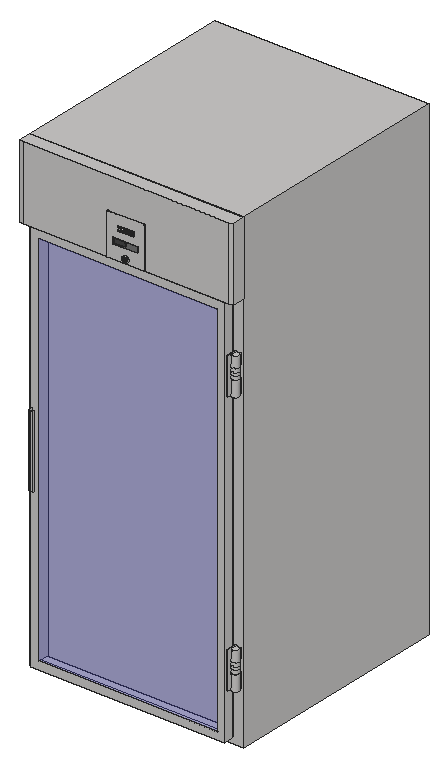
Revit family "QF_ZANUSSI_110886_ZRI16R1G", category Specialty Equipment, Revit 2018
Family settings
  Round Connector Dimension = Use Diameter
  Part Type = Normal
  Work Plane-Based = No
  Always vertical = Yes
  Cut with Voids When Loaded = No
  Shared = No
  Room Calculation Point = No
Parameters
  Weight = 220.00 kg
  Watts = 0 W
  Volts = 0 V
  URL Manufacturer = ""
  URL = ""
  Steam Supply Size = 0 mm
  Steam Supply Minimum Pressure = 0.0 Pa
  Steam Supply Maximum Pressure = 0.0 Pa
  Steam Pounds per Hour = 0
  Refrigeration Suction Line Size = 0 mm
  Refrigeration Liquid Line Size = 0 mm
  Refrigerant Compressor Remote = yes
  Manufacturer = ""
  Phase = 0
  Model = ""
  Length Actual = 1021 mm  # constant formula
  Item Number = ""
  Hot Water Size = 0 mm
  Height Actual = 2273 mm  # constant formula
  HP = ""
  Gas Size = 0 mm
  Gas KW = 0
  Gas Input Pressure = 0 W
  Description = ""
  Depth Actual = 1175 mm  # constant formula
  Cycle = 0 Hz
  Condensate Return Size = 0 mm
  Compressed Air Volume = 0.0 L/s
  Compressed Air Size = 0 mm
  Compressed Air Pressure = 0.0 Pa
  Cold Water Size = 0 mm
  Accessory = yes
Types (2, lengths in mm): name | Watts | Volts | URL Manufacturer | URL | Manufacturer | Phase | Model | Item Number | HP | Description | Cycle
  (no name) | 0 W | 0 V | "" | "" | "" | 0 | "" | "" | "" | "" | 0 Hz
  Standard | 53.8838 W | 220 V | "http://www.zanussiprofessional.com" | "http://www.zanussiprofessional.com" | "Zanussi" | 1 | "ZRI16R1G" | "110886" | "0.8 HP" | "1-GLASS DOOR ROLL-IN REFRIGERATOR 1600 LT+2°C R290" | 50 Hz
Reference planes
  plane 1 "Center (Front/Back)": y = 0
  plane 2: z = 0
  plane 3 "Center (Left/Right)": x = 0
  plane 4 "TOP": z = 2273
  plane 5 "FRONT": y = -587.5
  plane 6 "BACK": y = 587.5
  plane 7 "LEFT": x = -510.5
  plane 8 "RIGHT": x = 510.5
  plane 9 "ROy": y = -397.5
  plane 10 "RIy": y = -393.5
  plane 11 "ROx": x = 394.5
  plane 12 "RIx": x = 332.5
  plane 13 "ROz": z = 2054
Forms (mm)
  Extrusion 1, solid, material "QF_Finishes_Stainless Steel"
    sketch origin (0, 0, 0) x (1, 0, 0) y (0, 1, 0)
      loop
        line (-510.5, 587.5) -> (-510.5, -515.5) -> (510.5, -515.5) -> (510.5, 587.5) -> (-510.5, 587.5)
    from 0 to 2273
  Extrusion 2, solid
    sketch origin (0, 587.5, 1872) x (-1, 0, 0) y (0, 0, 1)
      loop
        circle (494.5, 306) r 10
    from 0 to 3.2
  Extrusion 3, solid, material "QF_Clearances", detail levels coarse
    sketch origin (0, 0, 0) x (1, 0, 0) y (0, 1, 0)
      loop
        line (-510.5, -587.5) -> (-510.5, 587.5) -> (510.5, 587.5) -> (510.5, -587.5) -> (560.5, -587.5) -> (560.5, 637.5) -> (-560.5, 637.5) -> (-560.5, -587.5) -> (-510.5, -587.5)
    from 0 to 2273
  Extrusion 4, solid, material "QF_Clearances", detail levels coarse
    sketch origin (0, 0, 2273) x (-1, 0, 0) y (0, -1, 0)
      loop
        line (560.5, -637.5) -> (560.5, 587.5) -> (-560.5, 587.5) -> (-560.5, -637.5) -> (560.5, -637.5)
    from 0 to 500
  Extrusion 5, void
    sketch origin (0, 587.5, 0) x (-1, 0, 0) y (0, 0, 1)
      loop
        line (450.5, 1865) -> (-450.5, 1865) -> (-450.5, 5) -> (450.5, 5) -> (450.5, 1865)
    from -59 to -1084
  Extrusion 6, void
    sketch origin (0, -587.5, 0) x (-1, 0, 0) y (0, 0, 1)
      loop
        circle (493.5, 1667.453) r 6
      loop
        circle (493.5, 1647.453) r 6
      loop
        circle (493.5, 1545.547) r 6
      loop
        circle (493.5, 1525.547) r 6
      loop
        circle (493.5, 407.816) r 6
      loop
        circle (493.5, 387.816) r 6
      loop
        circle (493.5, 285.911) r 6
      loop
        circle (493.5, 265.911) r 6
    from 80 to 72
Cuts and joins
  joined: Extrusion 3, Extrusion 4
  Extrusion 5, Extrusion 6 cuts Extrusion 1
Lines and regions (mm)
  symbolic lines, style "QF_Clearances", detail levels coarse
    curve 1: line (-510.5, -587.5, 2273) -> (-560.5, -587.5, 2273)
    curve 2: line (-560.5, -587.5, 2273) -> (-560.5, 637.5, 2273)
    curve 3: line (-560.5, 637.5, 2273) -> (560.5, 637.5, 2273)
    curve 4: line (560.5, 637.5, 2273) -> (560.5, -587.5, 2273)
    curve 5: line (560.5, -587.5, 2273) -> (510.5, -587.5, 2273)
Dimensions and locks
  plane 6 "BACK" to plane 1 "Center (Front/Back)" to plane 5 "FRONT" = 587.5 mm, 587.5 mm
  equal spacing: plane 7 "LEFT", plane 3 "Center (Left/Right)", plane 8 "RIGHT"
  plane 7 "LEFT" to plane 8 "RIGHT" = 1021 mm
  plane 6 "BACK" to plane 5 "FRONT" = 1175 mm
  plane 4 "TOP" to plane 2 = 2273 mm
  equal spacing: plane 8 "RIGHT", plane 3 "Center (Left/Right)", plane 7 "LEFT"
  cut or joined group of Extrusion 1, Extrusion 5, Extrusion 6 to cut or joined group of Extrusion 1, Extrusion 5, Extrusion 6 = 901 mm
  cut or joined group of Extrusion 1, Extrusion 5, Extrusion 6 to cut or joined group of Extrusion 1, Extrusion 5, Extrusion 6 = 1044 mm
  plane 6 "BACK" to plane 10 "RIy" = 981 mm
  plane 6 "BACK" to plane 9 "ROy" = 985 mm
  plane 12 "RIx" to plane 11 "ROx" = 62 mm
  cut or joined group of Extrusion 1, Extrusion 5, Extrusion 6 to plane 13 "ROz" = 219 mm
  cut or joined group of Extrusion 3, Extrusion 4 to plane 4 "TOP" = 500 mm
  nested 1 to cut or joined group of Extrusion 1, Extrusion 5, Extrusion 6 = 1156 mm
  cut or joined group of Extrusion 3, Extrusion 4 to cut or joined group of Extrusion 1, Extrusion 5, Extrusion 6 = 50 mm
  cut or joined group of Extrusion 3, Extrusion 4 to plane 7 "LEFT" = 50 mm
  cut or joined group of Extrusion 1, Extrusion 5, Extrusion 6 to cut or joined group of Extrusion 3, Extrusion 4 = 50 mm
  plane 4 "TOP" to plane 13 "ROz" = 219 mm
  plane 11 "ROx" to plane 8 "RIGHT" = 116 mm
  plane 8 "RIGHT" to plane 7 "LEFT" = 1021 mm
  aligned and locked: level to plane 2
Automatic sketch dimensions
  plane 7 "LEFT" to Extrusion 2 sketch curve = 16 mm
  Extrusion 4 sketch curve to plane 5 "FRONT" = 0 mm
  Extrusion 4 sketch curve to plane 8 "RIGHT" = 50 mm
  Extrusion 4 sketch curve to plane 7 "LEFT" = 50 mm
  plane 6 "BACK" to Extrusion 4 sketch curve = 50 mm
  Extrusion 1 sketch curve to plane 7 "LEFT" = 0 mm
  Extrusion 1 sketch curve to plane 8 "RIGHT" = 0 mm
  Extrusion 1 sketch curve to plane 6 "BACK" = 0 mm
  plane 5 "FRONT" to Extrusion 1 sketch curve = 72 mm
  Extrusion 2 sketch curve to plane 4 "TOP" = 95 mm
  Extrusion 3 sketch curve to plane 5 "FRONT" = 0 mm  (x2)
  Extrusion 3 sketch curve to plane 7 "LEFT" = 0 mm
  Extrusion 3 sketch curve to plane 6 "BACK" = 0 mm
  Extrusion 3 sketch curve to plane 8 "RIGHT" = 0 mm
  Extrusion 3 sketch curve to plane 7 "LEFT" = 50 mm
  Extrusion 3 sketch curve to plane 8 "RIGHT" = 50 mm
  plane 6 "BACK" to Extrusion 3 sketch curve = 50 mm
  level to Extrusion 5 sketch curve = 5 mm
  plane 8 "RIGHT" to Extrusion 5 sketch curve = 60 mm
  plane 7 "LEFT" to Extrusion 5 sketch curve = 60 mm
  Extrusion 5 sketch curve to plane 4 "TOP" = 408 mm
  curve 4 to plane 5 "FRONT" = 0 mm
  curve 5 to plane 8 "RIGHT" = 0 mm
  curve 1 to plane 5 "FRONT" = 0 mm
  curve 1 to plane 7 "LEFT" = 0 mm
  curve 4 to plane 8 "RIGHT" = 50 mm
  curve 2 to plane 7 "LEFT" = 50 mm
  plane 6 "BACK" to curve 4 = 50 mm
  plane 7 "LEFT" to Extrusion 6 sketch curve = 17 mm  (x8)
  level to Extrusion 6 sketch curve = 265.911 mm
  Extrusion 6 sketch curve to Extrusion 6 sketch curve = 20 mm  (x4)
  Extrusion 6 sketch curve to Extrusion 6 sketch curve = 101.905 mm  (x2)
  Extrusion 6 sketch curve to plane 13 "ROz" = 528.453 mm
  radius of Extrusion 2 sketch curve = 10 mm
  radius of Extrusion 6 sketch curve = 6 mm  (x8)
Nested families
  nested 1: "QF_110886_Door" at (0, -515.5, 1129.637) x (1, 0, 0) z (0, -1, 0), type "QF_110886_Door"
    with Show Clearance yes
  nested 2: "Refrigerator" at (370, -442.5, 110), type "Refrigerator"
Connectors
  electrical at (-494.5, 590.7, 2178), driven by "Volts"
    settings: on Extrusion 2, index 2, voltage 0 V, apparent load 0 VA, apparent load phase1 0 VA, apparent load phase2 0 VA, apparent load phase3 0 VA, power factor 1, load classification "Other", number of poles 1, system type 30, power factor state 1, is connector primary yes, connector utility no, sub classification motor no, connector description "Electrical Connection"
Definition of nested family "QF_110886_Door"
  Parameters
    Show Clearance [instance] = yes
    Model = "725102"
    Default Elevation = 1219.2 mm
  Reference planes
    plane 1 "Center (Front/Back)": y = 6.863
    plane 2: z = 0
    plane 3 "Center (Left/Right)": x = 0
  Forms (mm)
    Extrusion 1, solid
      sketch origin (0, -919.2, 0) x (1, 0, 0) y (0, 1, 0)
        loop
          line (-1100, 2726.7) -> (-1100, -663.873) -> (1016.701, -663.873) -> (1016.701, 2726.7) -> (-1100, 2726.7)
      from 0 to -59.546
    Extrusion 2, solid
      sketch origin (0, 6.863, 0) x (1, 0, 0) y (0, 0, 1)
        loop
          line (-510.5, 60.667) -> (-510.5, 0) -> (510.5, 0) -> (510.5, 60.667) -> (490.5, 66) -> (-490.5, 66) -> (-510.5, 60.667)
      from -1136.5 to -786.5
    Extrusion 3, solid
      sketch origin (0, 6.863, 0) x (1, 0, 0) y (0, 0, 1)
        loop
          line (-459.5, 0) -> (457.5, 0) -> (457.5, 8) -> (461.5, 8) -> (461.5, 53) -> (-463.5, 53) -> (-463.5, 8) -> (-459.5, 8) -> (-459.5, 0)
      from -775 to 1105
    Extrusion 4, solid, detail levels coarse
      sketch origin (154.5, 1013.369, -334) x (-1, 0, 0) y (0, 0, -1)
        loop
          line (-365, -352) -> (-365, -1311) -> (-312, -1311) -> (-312, -400) -> (-351, -400) -> (-351, -352) -> (-365, -352)
      from 2110.506 to 232.142
    Extrusion 5, solid, detail levels coarse
      sketch origin (171.5, 1121.732, -334) x (1, 0, 0) y (0, 0, 1)
        loop
          arc (295, 1311) -> (-326.913, 1017.03) -> (-631, 400) r 1044.143
          line (-631, 400) -> (295, 400) -> (295, 1311)
      from 2219.869 to 339.869
    Extrusion 6, solid
      sketch origin (-4, 6.863, 0) x (1, 0, 0) y (0, 0, 1)
        loop
          line (465.5, 46) -> (465.5, 0) -> (474.5, 0) -> (474.5, 46) -> (465.5, 46)
      from -550 to -375
    Extrusion 7, solid
      sketch origin (-4, 6.863, -15.333) x (1, 0, 0) y (0, 0, 1)
        loop
          arc (501.5, 23.843) -> (491.5, 52.333) -> (481.5, 23.843) r 16
          line (481.5, 23.843) -> (481.5, 15.333) -> (501.5, 15.333) -> (501.5, 23.843)
      from -500 to -550
    Extrusion 8, solid
      sketch origin (451.167, 6.863, 512.5) x (0, 0, -1) y (1, 0, 0)
        loop
          arc (501.5, 23.843) -> (491.5, 52.333) -> (481.5, 23.843) r 16
          line (481.5, 23.843) -> (481.5, 19.333) -> (501.5, 19.333) -> (501.5, 23.843)
      from -482 to -500
    Extrusion 9, solid
      sketch origin (-4, 6.863, -15.333) x (1, 0, 0) y (0, 0, 1)
        loop
          arc (501.5, 23.843) -> (491.5, 52.333) -> (481.5, 23.843) r 16
          line (481.5, 23.843) -> (481.5, 15.333) -> (501.5, 15.333) -> (501.5, 23.843)
      from -445 to -375
    Extrusion 10, solid
      sketch origin (451.167, 6.863, 512.5) x (0, 0, -1) y (1, 0, 0)
        loop
          arc (501.5, 23.843) -> (491.5, 52.333) -> (481.5, 23.843) r 16
          line (481.5, 23.843) -> (481.5, 19.333) -> (501.5, 19.333) -> (501.5, 23.843)
      from -469 to -482
    Extrusion 11, solid
      sketch origin (451.167, 6.863, 512.5) x (0, 0, -1) y (1, 0, 0)
        loop
          arc (501.5, 23.843) -> (491.5, 52.333) -> (481.5, 23.843) r 16
          line (481.5, 23.843) -> (481.5, 19.333) -> (501.5, 19.333) -> (501.5, 23.843)
      from -451 to -469
    Extrusion 12, solid
      sketch origin (-4, 6.863, 0) x (1, 0, 0) y (0, 0, 1)
        loop
          circle (491.5, 21) r 12
      from -451 to -445
    Extrusion 13, solid
      sketch origin (-4, -1252.773, 0) x (1, 0, 0) y (0, 0, 1)
        loop
          line (465.5, 46) -> (465.5, 0) -> (474.5, 0) -> (474.5, 46) -> (465.5, 46)
      from -550 to -375
    Extrusion 14, solid
      sketch origin (-4, -1252.773, -15.333) x (1, 0, 0) y (0, 0, 1)
        loop
          arc (501.5, 23.843) -> (491.5, 52.333) -> (481.5, 23.843) r 16
          line (481.5, 23.843) -> (481.5, 15.333) -> (501.5, 15.333) -> (501.5, 23.843)
      from -500 to -550
    Extrusion 15, solid
      sketch origin (451.167, -1252.773, 512.5) x (0, 0, -1) y (1, 0, 0)
        loop
          arc (501.5, 23.843) -> (491.5, 52.333) -> (481.5, 23.843) r 16
          line (481.5, 23.843) -> (481.5, 19.333) -> (501.5, 19.333) -> (501.5, 23.843)
      from -482 to -500
    Extrusion 16, solid
      sketch origin (-4, -1252.773, -15.333) x (1, 0, 0) y (0, 0, 1)
        loop
          arc (501.5, 23.843) -> (491.5, 52.333) -> (481.5, 23.843) r 16
          line (481.5, 23.843) -> (481.5, 15.333) -> (501.5, 15.333) -> (501.5, 23.843)
      from -445 to -375
    Extrusion 17, solid
      sketch origin (451.167, -1252.773, 512.5) x (0, 0, -1) y (1, 0, 0)
        loop
          arc (501.5, 23.843) -> (491.5, 52.333) -> (481.5, 23.843) r 16
          line (481.5, 23.843) -> (481.5, 19.333) -> (501.5, 19.333) -> (501.5, 23.843)
      from -469 to -482
    Extrusion 18, solid
      sketch origin (451.167, -1252.773, 512.5) x (0, 0, -1) y (1, 0, 0)
        loop
          arc (501.5, 23.843) -> (491.5, 52.333) -> (481.5, 23.843) r 16
          line (481.5, 23.843) -> (481.5, 19.333) -> (501.5, 19.333) -> (501.5, 23.843)
      from -451 to -469
    Extrusion 19, solid
      sketch origin (-4, -1252.773, 0) x (1, 0, 0) y (0, 0, 1)
        loop
          circle (491.5, 21) r 12
      from -451 to -445
    Extrusion 20, void
      sketch origin (0, 0, 0) x (1, 0, 0) y (0, 1, 0)
        loop
          line (-428.5, 746.863) -> (-428.5, -1063.137) -> (426.5, -1063.137) -> (426.5, 746.863) -> (-428.5, 746.863)
      from 0 to 66
    Extrusion 21, solid
      sketch origin (0, 0, 0) x (1, 0, 0) y (0, 1, 0)
        loop
          line (-428.5, 746.863) -> (-428.5, -1063.137) -> (426.5, -1063.137) -> (426.5, 746.863) -> (-428.5, 746.863)
      from 53 to 43
    Extrusion 22, solid
      sketch origin (0, -36.965, 0) x (0, 1, 0) y (0, 0, 1)
        loop
          line (43.082, 67.001) -> (-300.013, 67.001) -> (-300.759, 65.401) -> (43.829, 65.401) -> (43.082, 67.001)
      from -463.5 to -443.177
    Extrusion 23, void
      sketch origin (0, -36.965, 0) x (0, 1, 0) y (0, 0, 1)
        loop
          line (61.535, 13.875) -> (61.535, 48.875) -> (51.535, 48.875) -> (43.082, 67.001) -> (-300.013, 67.001) -> (-308.465, 48.875) -> (-318.465, 48.875) -> (-318.465, 13.875) -> (61.535, 13.875)
      from -459.5 to -463.5
    Extrusion 24, solid
      sketch origin (0, -36.965, 0) x (0, 1, 0) y (0, 0, 1)
        loop
          line (51.535, 48.875) -> (43.082, 67.001) -> (-300.013, 67.001) -> (-308.465, 48.875) -> (-318.465, 48.875) -> (-318.465, 13.875) -> (61.535, 13.875) -> (61.535, 48.875) -> (51.535, 48.875)
        loop
          circle (-273.41, 32.257) r 5.995
        loop
          circle (-273.41, 32.257) r 5
        loop
          circle (11.59, 32.257) r 6
        loop
          circle (11.59, 32.257) r 5
      from -463.5 to -459.5
    Extrusion 25, solid
      sketch origin (0, 0, 0) x (1, 0, 0) y (0, 1, 0)
        loop
          circle (-493.5, -721.821) r 6
        loop
          circle (-493.5, -741.821) r 6
        loop
          circle (-493.5, -863.726) r 6
        loop
          circle (-493.5, -843.726) r 6
      from -4 to -8
    Extrusion 26, solid
      sketch origin (0, 1259.637, 0) x (1, 0, 0) y (0, 1, 0)
        loop
          circle (-493.5, -721.821) r 6
        loop
          circle (-493.5, -741.821) r 6
        loop
          circle (-493.5, -863.726) r 6
        loop
          circle (-493.5, -843.726) r 6
      from -4 to -8
  Cuts and joins
    Extrusion 20, Extrusion 23 cuts Extrusion 3
    Extrusion 20 cuts Extrusion 5
    Extrusion 23 cuts Extrusion 21
    Extrusion 23 cuts Extrusion 22
    joined: Extrusion 22, Extrusion 24
  Lines and regions (mm)
    symbolic lines
      curve 1: line (-510.5, 6.863, 0) -> (-510.5, 6.863, 60.667)
      curve 2: line (510.5, 6.863, 0) -> (-510.5, 6.863, 0)
      curve 3: line (519.5, 6.863, 18) -> (519.5, 6.863, 977)
      curve 4: line (510.5, 6.863, 18) -> (519.5, 6.863, 18)
      curve 5: line (-490.5, 6.863, 66) -> (-510.5, 6.863, 60.667)
      curve 6: line (490.5, 6.863, 66) -> (-490.5, 6.863, 66)
      curve 7: line (510.5, 6.863, 60.667) -> (490.5, 6.863, 66)
      curve 8: line (510.5, 6.863, 60.667) -> (510.5, 6.863, 0)
      curve 9: line (466.5, 6.863, 66) -> (466.5, 6.863, 977)
      curve 10: line (519.5, 6.863, 977) -> (466.5, 6.863, 977)
      curve 11: arc (466.5, 6.863, 977) -> (-155.413, 6.863, 683.03) -> (-459.5, 6.863, 66) r 1044.143
  Dimensions and locks
    aligned and locked: plane 2 to Extrusion 1
    aligned and locked: level to Extrusion 1
  Nested families
    nested 1: "QF_DisplayNewRollCabinets_ZAN" at (0, 893.363, 66), type "QF_DisplayNewRollCabinets_ZAN"
      with Show Clearance yes
  Definition of nested family "QF_DisplayNewRollCabinets_ZAN"
    Parameters
      Show Clearance [instance] = yes
      Model = "728658"
      Default Elevation = 1219.2 mm
    Reference planes
      plane 1 "Center (Front/Back)": y = 0
      plane 2: z = 0
      plane 3 "Center (Left/Right)": x = 0
    Forms (mm)
      Extrusion 1, solid
        sketch origin (0, -919.2, 0) x (1, 0, 0) y (0, 1, 0)
          loop
            line (-198.75, 1146.2) -> (-198.75, 709.567) -> (165.741, 709.567) -> (165.741, 1146.2) -> (-198.75, 1146.2)
        from 0 to -59.546
      Extrusion 2, solid
        sketch origin (-59, -79.611, 0) x (0, 1, 0) y (-1, 0, 0)
          loop
            circle (0.611, -59) r 14
          loop
            circle (0.611, -59) r 10
        from 1.6 to 6
      Extrusion 3, solid
        sketch origin (744.635, 285.889, 0) x (0, 1, 0) y (-1, 0, 0)
          loop
            circle (-364.889, 744.635) r 10
          loop
            circle (-364.889, 744.635) r 9
        from 1.6 to 6
      Extrusion 4, solid
        sketch origin (744.635, 285.889, 0) x (0, 1, 0) y (-1, 0, 0)
          loop
            circle (-364.889, 744.635) r 8.7
        from 1.6 to 6
      Extrusion 5, void
        sketch origin (744.635, 285.889, 0) x (0, 1, 0) y (-1, 0, 0)
          loop
            line (-372.339, 745.885) -> (-372.339, 743.385) -> (-362.339, 743.385) -> (-362.339, 745.885) -> (-372.339, 745.885)
        from 3 to 7
      Extrusion 6, solid
        sketch origin (0, 0, 0) x (1, 0, 0) y (0, 1, 0)
          loop
            arc (-90, -95) -> (-88.536, -98.536) -> (-85, -100) r 5
            line (-85, -100) -> (85, -100)
            arc (85, -100) -> (88.536, -98.536) -> (90, -95) r 5
            line (90, -95) -> (90, 95)
            arc (90, 95) -> (88.536, 98.536) -> (85, 100) r 5
            line (85, 100) -> (-85, 100)
            arc (-85, 100) -> (-88.536, 98.536) -> (-90, 95) r 5
            line (-90, 95) -> (-90, -95)
          loop
            line (-60, -3.798) -> (-60, -32.827) -> (60, -32.827) -> (60, -3.798) -> (-60, -3.798)
        from 0 to 1.6
      Extrusion 7, solid
        sketch origin (0, 0, 0) x (1, 0, 0) y (0, 1, 0)
          loop
            line (-60, -3.798) -> (-60, -32.827) -> (60, -32.827) -> (60, -3.798) -> (-60, -3.798)
          loop
            line (-56.428, -8.037) -> (-56.428, -28.331) -> (0, -28.331) -> (0, -8.037) -> (-56.428, -8.037)
        from 0 to 1.6
      Extrusion 8, solid
        sketch origin (0, 0, 0) x (1, 0, 0) y (0, 1, 0)
          loop
            line (-56.428, -8.037) -> (-56.428, -28.331) -> (0, -28.331) -> (0, -8.037) -> (-56.428, -8.037)
        from 0 to 1.6
      Extrusion 9, solid
        sketch origin (0, 15, 0) x (1, 0, 0) y (0, 1, 0)
          loop
            line (-24.658, 16.724) -> (-24.658, 20.689) -> (-30.605, 20.689) -> (-24.658, 32.81) -> (-24.658, 36.095) -> (-34.514, 36.095) -> (-34.514, 32.47) -> (-29.303, 32.583) -> (-34.967, 20.689) -> (-34.967, 16.724) -> (-24.658, 16.724)
          loop
            line (-18.968, 23.974) -> (-16.702, 23.974) -> (-17.835, 32.784) -> (-18.968, 23.974)
          loop
            line (-19.988, 16.724) -> (-19.421, 20.462) -> (-16.136, 20.462) -> (-15.57, 16.724) -> (-11.491, 16.724) -> (-15.116, 36.095) -> (-20.554, 36.095) -> (-24.066, 16.724) -> (-19.988, 16.724)
          loop
            line (-10.989, 36.095) -> (-10.989, 16.724) -> (-7.478, 16.724) -> (-7.478, 29.525) -> (-4.192, 16.724) -> (0.113, 16.724) -> (0.113, 36.095) -> (-3.512, 36.095) -> (-3.512, 23.747) -> (-6.798, 36.095) -> (-10.989, 36.095)
          loop
            arc (1.019, 21.515) -> (5.865, 16.692) -> (11.328, 20.802) r 5.22
            line (11.328, 20.802) -> (11.328, 36.095) -> (7.363, 36.095) -> (7.363, 21.708)
            arc (7.363, 21.708) -> (6.321, 20.507) -> (4.984, 21.368) r 1.214
            line (4.984, 21.368) -> (4.984, 36.095) -> (1.019, 36.095) -> (1.019, 21.515)
          loop
            line (18.691, 29.978) -> (22.43, 29.978) -> (22.491, 31.739)
            arc (22.491, 31.739) -> (22.231, 33.702) -> (20.999, 35.254) r 3.719
            arc (20.999, 35.254) -> (17.381, 36.433) -> (13.762, 35.254) r 6.139
            arc (13.762, 35.254) -> (12.287, 32.389) -> (12.47, 29.172) r 6.125
            arc (12.47, 29.172) -> (13.682, 27.393) -> (15.169, 25.838) r 13.068
            line (15.169, 25.838) -> (16.84, 24.357)
            arc (16.84, 24.357) -> (17.826, 23.519) -> (18.593, 22.477) r 5.571
            arc (18.593, 22.477) -> (18.403, 20.654) -> (16.617, 20.247) r 1.573
            arc (16.617, 20.247) -> (16.079, 20.792) -> (15.849, 21.521) r 1.631
            arc (15.849, 21.521) -> (15.831, 22.035) -> (15.849, 22.549) r 7.441
            arc (15.849, 22.549) -> (15.866, 23.035) -> (15.849, 23.521) r 7.03
            line (15.849, 23.521) -> (11.894, 23.521)
            arc (11.894, 23.521) -> (11.932, 20.748) -> (13.025, 18.199) r 7.131
            arc (13.025, 18.199) -> (18.19, 16.728) -> (22.54, 19.877) r 6.148
            arc (22.54, 19.877) -> (22.619, 23.128) -> (21.224, 26.067) r 7.021
            line (21.224, 26.067) -> (16.879, 29.978)
            arc (16.879, 29.978) -> (16.291, 30.717) -> (15.976, 31.606) r 2.858
            arc (15.976, 31.606) -> (17.094, 33.203) -> (18.691, 32.085) r 1.379
            line (18.691, 32.085) -> (18.691, 29.978)
          loop
            line (29.989, 29.978) -> (33.728, 29.978) -> (33.789, 31.739)
            arc (33.789, 31.739) -> (33.529, 33.702) -> (32.297, 35.254) r 3.719
            arc (32.297, 35.254) -> (28.679, 36.433) -> (25.061, 35.254) r 6.139
            arc (25.061, 35.254) -> (23.585, 32.389) -> (23.768, 29.172) r 6.125
            arc (23.768, 29.172) -> (24.98, 27.393) -> (26.468, 25.838) r 13.068
            line (26.468, 25.838) -> (28.138, 24.357)
            arc (28.138, 24.357) -> (29.125, 23.519) -> (29.892, 22.477) r 5.571
            arc (29.892, 22.477) -> (29.702, 20.654) -> (27.915, 20.247) r 1.573
            arc (27.915, 20.247) -> (27.378, 20.792) -> (27.147, 21.521) r 1.631
            arc (27.147, 21.521) -> (27.13, 22.035) -> (27.147, 22.549) r 7.441
            arc (27.147, 22.549) -> (27.164, 23.035) -> (27.147, 23.521) r 7.03
            line (27.147, 23.521) -> (23.192, 23.521)
            arc (23.192, 23.521) -> (23.231, 20.748) -> (24.324, 18.199) r 7.131
            arc (24.324, 18.199) -> (29.488, 16.728) -> (33.838, 19.877) r 6.148
            arc (33.838, 19.877) -> (33.917, 23.128) -> (32.523, 26.067) r 7.021
            line (32.523, 26.067) -> (28.177, 29.978)
            arc (28.177, 29.978) -> (27.589, 30.717) -> (27.274, 31.606) r 2.858
            arc (27.274, 31.606) -> (28.393, 33.203) -> (29.989, 32.085) r 1.379
            line (29.989, 32.085) -> (29.989, 29.978)
          loop
            line (34.551, 36.095) -> (34.551, 16.724) -> (38.516, 16.724) -> (38.516, 36.095) -> (34.551, 36.095)
        from 1.6 to 3.2
      Extrusion 10, solid
        sketch origin (0, 0, 0) x (1, 0, 0) y (0, 1, 0)
          loop
            line (1.25, -86.45) -> (1.25, -76.45) -> (-1.25, -76.45) -> (-1.25, -86.45) -> (1.25, -86.45)
        from 1.6 to 6
    Cuts and joins
      Extrusion 5 cuts Extrusion 4
    Lines and regions (mm)
      symbolic lines
        curve 1: line (52.518, 0, 4) -> (-53.037, 0, 4)
        curve 2: line (40, 0, 4) -> (40, 0, 6)
        curve 3: line (40, 0, 6) -> (-40, 0, 6)
        curve 4: line (-40, 0, 6) -> (-40, 0, 4)
        curve 5: line (-64.765, 0, 0) -> (-53.037, 0, 4)
        curve 6: line (52.518, 0, 4) -> (64.135, 0, 0)
    Dimensions and locks
      aligned and locked: plane 2 to Extrusion 1
      aligned and locked: level to Extrusion 1
Definition of nested family "Refrigerator"
  Reference planes
    plane 1 "Center (Front/Back)": y = 0
    plane 2: z = 0
    plane 3 "Center (Left/Right)": x = 0
  Lines and regions (mm)
    detail lines, in view "Ref. Level"
      curve 1: spline (-500, 190, 0) -> (-493.185, 166.706, 0) -> (-473.205, 145, 0) -> (-441.421, 126.36, 0) -> (-400, 112.058, 0) -> (-351.764, 103.067, 0) -> (-300, 100, 0) -> (-248.236, 103.067, 0) -> (-200, 112.058, 0) -> (-158.579, 126.36, 0) -> (-126.795, 145, 0) -> (-106.815, 166.706, 0) -> (-100, 190, 0) -> (-106.815, 213.294, 0) -> (-126.795, 235, 0) -> (-158.579, 253.64, 0) -> (-200, 267.942, 0) -> (-248.236, 276.933, 0) -> (-300, 280, 0) -> (-351.764, 276.933, 0) -> (-400, 267.942, 0) -> (-441.421, 253.64, 0) -> (-473.205, 235, 0) -> (-493.185, 213.294, 0) -> (-500, 190, 0)
      curve 2: line (-300, 130, 0) -> (-300, 250, 0)
      curve 3: line (-351.962, 220, 0) -> (-248.038, 160, 0)
      curve 4: line (-351.962, 160, 0) -> (-248.038, 220, 0)
      curve 5: line (-280.884, 246.873, 0) -> (-300, 225, 0)
      curve 6: line (-300, 225, 0) -> (-319.116, 246.873, 0)
      curve 7: line (-330.311, 207.5, 0) -> (-339.696, 234.992, 0)
      curve 8: line (-358.812, 201.882, 0) -> (-330.311, 207.5, 0)
      curve 9: line (-330.311, 172.5, 0) -> (-358.812, 178.118, 0)
      curve 10: line (-339.696, 145.008, 0) -> (-330.311, 172.5, 0)
      curve 11: line (-300, 155, 0) -> (-319.116, 133.127, 0)
      curve 12: line (-280.884, 133.127, 0) -> (-300, 155, 0)
      curve 13: line (-269.689, 172.5, 0) -> (-260.304, 145.008, 0)
      curve 14: line (-241.188, 178.118, 0) -> (-269.689, 172.5, 0)
      curve 15: line (-269.689, 207.5, 0) -> (-241.188, 201.882, 0)
      curve 16: line (-260.304, 234.992, 0) -> (-269.689, 207.5, 0)
